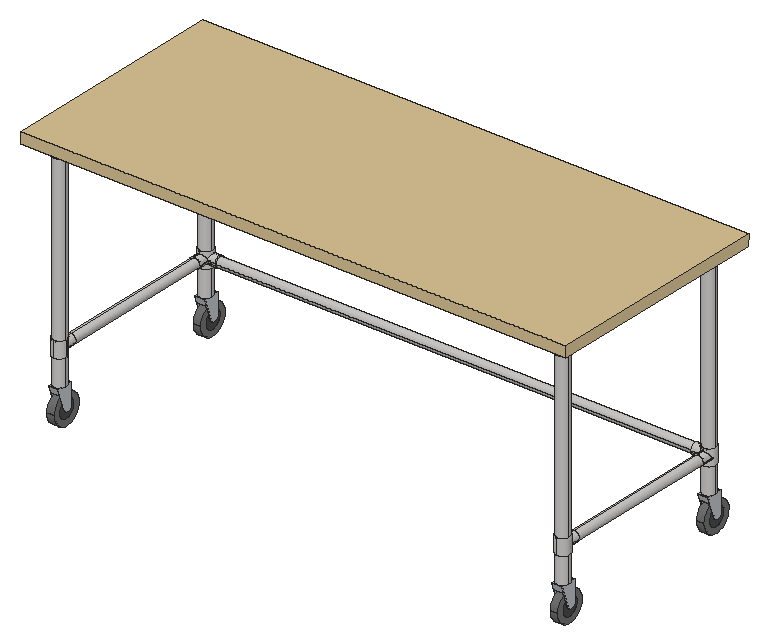
Revit family "126416 - Tables - Stainless Steel Prep Table", category Specialty Equipment, Revit 2020
Family settings
  Round Connector Dimension = Use Diameter
  Part Type = Normal
  OmniClass Number = 23.40.40.14
  OmniClass Title = Food Service Equipment
  Work Plane-Based = No
  Always vertical = Yes
  Cut with Voids When Loaded = No
  Shared = No
  Room Calculation Point = No
Parameters (values of type "POS")
  Working Height = 35 1/8"
  Width = 72"
  Weight in Pounds = 0
  Watermarked By = "http://revitwatermark.com"
  Undershelf = no
  URL Cutsheet = "http://eaglegrp.com/ProductInfo/ProductSpecSheets/eg10.41d.pdf"
  URL = "http://eaglegrp.com/"
  Table Depression = 0"
  Specification by User [instance] = ""
  Specification by Manufacturer [instance] = ""
  Serial Number [instance] = ""
  Seismic Rating [instance] = ""
  SMACNA No [instance] = ""
  Revision Code = ""
  Product data url = "https://bimobject.com/eaglegroup/product/eagle-group-eg10_45d"
  NAFEM Spec ID Number [instance] = ""
  Model = "XXXX"
  Material - Table Leg = QF_Finishes-Stainless Steel
  Material - Countertop = 19"/32" OSB PLYWOOD BONDED W/ EXT. GLUE
  Masterspec = ""
  Manufacturer = "Eagle Group"  # constant formula
  Item Number [instance] = "-"
  Installed By = ""
  Inset - Front and Ends = 1 1/2"
  Inset - Back = 1 1/2"
  Identify Quantity as Lot = yes
  Height of Table Edge = 1 1/2"
  Furnished By [instance] = ""
  Foodservice Equipment Identifier [instance] = yes
  Flat Top = not(Backsplash)  # yes
  Feet Height = 1/2"
  Feet = not(or([5 Inch Caster], [4 Inch Caster]))  # no
  Description = "Worktable-Marine Edge"
  Depth Leg cL = if(Depth < 25", 18 1/8", if(Depth > 47", 42 1/8", 24 1/8"))  # 24 1/8"
  Depth = 30"
  Default Elevation = 0"
  Crossrails = not(Undershelf)  # yes
  Caster Leg Height = if([5 Inch Caster], 6", if([4 Inch Caster], 5", 1/2"))  # 5"
  CSI MasterFormat = ""
  8 Legs Crossrail = and([8 Legs], Crossrails)  # no
  8 Legs 5 Inch Casters = and([8 Legs], [5 Inch Caster])  # no
  8 Legs 4 Inch Casters = and([8 Legs], [4 Inch Caster])  # no
  6 Legs Crossrail = and([6 Legs], Crossrails)  # no
  6 Legs 5 Inch Caster = and([6 Legs], [5 Inch Caster])  # no
  6 Legs 4 Inch Casters = and([6 Legs], [4 Inch Caster])  # no
  6 Legs = or(and(Depth < 47", Width > 85", Width < 129"), and(Depth > 47", Width > 69", Width < 81"), and(Depth > 47", Width > 129"))  # no
  Backsplash = no
  8 Legs cL = if(and(Depth < 47", Width > 129"), 42 3/8", if(and(Depth > 47", Width > 129"), 66 3/8", if(and(Depth > 47", Width > 117"), 42 3/8", if(and(Depth > 47", Width > 87"), 30 3/8", 26 1/8"))))  # 26 1/8"
  8 Legs = or(and(Depth < 47", Width > 129"), and(Depth > 47", Width > 81"))  # no
  5 Inch Caster = no
  4 Inch Caster = yes
Types (3): name | Table Depression | Material - Countertop | Height of Table Edge | Flat Top | Feet | Depth Leg cL | Depth | Caster Leg Height | Backsplash | 4 Inch Caster
  72X30 | 1/4" | QF_Finishes-Stainless Steel | 1 1/2" | no | yes | 24 1/8" | 30" | 1/2" | yes | no
  ice table - 6x2 | 8 1/2" | QF_Finishes-Stainless Steel | 10" | yes | no | 18 1/8" | 24" | 5" | no | yes
  POS | 0" | 19"/32" OSB PLYWOOD BONDED W/ EXT. GLUE | 1 1/2" | yes | no | 24 1/8" | 30" | 5" | no | yes
Reference planes (in)
  plane 1 "Center (Front/Back)": y = 0
  plane 2 "Bottom": z = 0
  plane 3 "Center (Left/Right)": x = 0
  plane 4 "Back": y = 15
  plane 5 "Right": x = 36
  plane 6 "Front": y = -15
  plane 7 "Left": x = -36
  plane 8 "Working Height": z = 35.125
  plane 9 "LLeg cL": x = -33.1875
  plane 10 "RLeg cL": x = 33.1875
  plane 11 "BLeg cL": y = 12.0625
  plane 12 "FLeg cL": y = -12.0625
  plane 13 "LLeg 8 cL": x = -13.0625
  plane 14 "RLeg 8 cL": x = 13.0625
  plane 15 "Undershelf Height": z = 9.5
  plane 16 "Bottom of Feet": z = 4.5
  plane 17 "Top of Feet": z = 5
  plane 18 "Top of Gusset": z = 33.625
  plane 19: z = 32.125
  plane 20: z = 39.625
  plane 21: x = -34.5
  plane 22: y = -13.5
  plane 23: x = 34.5
  plane 24: y = 13.5
  plane 25 "Center F/C": z = 35.125
Forms (in)
  Extrusion 1, solid, material "QF_Finishes-Stainless Steel" <- "Material - Table Leg"
    sketch origin (0, 0, 5) x (-1, 0, 0) y (0, -1, 0)
      loop
        circle (33.1875, 12.0625) r 0.8125
      loop
        circle (33.1875, -12.0625) r 0.8125
      loop
        circle (-33.1875, 12.0625) r 0.8125
      loop
        circle (-33.1875, -12.0625) r 0.8125
    from 0 to 27.125
  Extrusion 2, solid, material "QF_Finishes-Stainless Steel" <- "Material - Table Leg", visible <- "6 Legs"
    sketch origin (0, 0, 5) x (-1, 0, 0) y (0, -1, 0)
      loop
        circle (0, 12.0625) r 0.8125
      loop
        circle (0, -12.0625) r 0.8125
    from 0 to 27.125
  Extrusion 3, solid, material "QF_Finishes-Stainless Steel" <- "Material - Table Leg", visible <- "6 Legs"
    sketch origin (0, 0, 9.5) x (0, -1, 0) y (1, 0, 0)
      loop
        circle (12.0625, 0) r 0.91406
      loop
        circle (12.0625, 0) r 0.8125
      loop
        circle (-12.0625, 0) r 0.91406
      loop
        circle (-12.0625, 0) r 0.8125
    from 1 to -1
  Extrusion 4, solid, material "19"/32" OSB PLYWOOD BONDED W/ EXT. GLUE" <- "Material - Countertop", visible <- "Backsplash"
    sketch origin (-36, 0, 0) x (0, 1, 0) y (0, 0, 1)
      loop
        arc (14, 20.1987) -> (13.9054, 19.97031) -> (13.677, 19.8757) r 0.323
        line (13.677, 19.8757) -> (15, 19.8757) -> (15, 39.625) -> (14.25, 39.625)
        arc (14.25, 39.625) -> (14.07322, 39.55178) -> (14, 39.375) r 0.25
        line (14, 39.375) -> (14, 20.1987)
    from 0 to 72
  Extrusion 5, solid, material "QF_Finishes-Stainless Steel" <- "Material - Table Leg"
    sketch origin (0, 0, 9.5) x (0, -1, 0) y (1, 0, 0)
      loop
        circle (12.0625, -33.1875) r 0.91406
      loop
        circle (12.0625, -33.1875) r 0.8125
      loop
        circle (-12.0625, -33.1875) r 0.91406
      loop
        circle (-12.0625, -33.1875) r 0.8125
      loop
        circle (12.0625, 33.1875) r 0.91406
      loop
        circle (12.0625, 33.1875) r 0.8125
      loop
        circle (-12.0625, 33.1875) r 0.91406
      loop
        circle (-12.0625, 33.1875) r 0.8125
    from 1 to -1
  Extrusion 6, solid, material "QF_Finishes-Stainless Steel" <- "Material - Table Leg", visible <- "8 Legs"
    sketch origin (0, 0, 5) x (-1, 0, 0) y (0, -1, 0)
      loop
        circle (13.0625, 12.0625) r 0.8125
      loop
        circle (13.0625, -12.0625) r 0.8125
      loop
        circle (-13.0625, 12.0625) r 0.8125
      loop
        circle (-13.0625, -12.0625) r 0.8125
    from 0 to 27.125
  Extrusion 7, solid, material "QF_Finishes-Stainless Steel" <- "Material - Table Leg", visible <- "8 Legs"
    sketch origin (0, 0, 9.5) x (0, -1, 0) y (1, 0, 0)
      loop
        circle (12.0625, -13.0625) r 0.91406
      loop
        circle (12.0625, -13.0625) r 0.8125
      loop
        circle (-12.0625, -13.0625) r 0.91406
      loop
        circle (-12.0625, -13.0625) r 0.8125
      loop
        circle (12.0625, 13.0625) r 0.91406
      loop
        circle (12.0625, 13.0625) r 0.8125
      loop
        circle (-12.0625, 13.0625) r 0.91406
      loop
        circle (-12.0625, 13.0625) r 0.8125
    from 1 to -1
  Extrusion 8, solid, material "QF_Finishes-Stainless Steel" <- "Material - Table Leg", visible <- "6 Legs"
    sketch origin (0, 0, 33.625) x (-1, 0, 0) y (0, -1, 0)
      loop
        circle (0, 12.0625) r 0.91406
      loop
        circle (0, -12.0625) r 0.91406
    from 0 to -1.5
  Extrusion 9, solid, material "QF_Finishes-Stainless Steel" <- "Material - Table Leg", visible <- "8 Legs"
    sketch origin (0, 0, 33.625) x (-1, 0, 0) y (0, -1, 0)
      loop
        circle (13.0625, 12.0625) r 0.91406
      loop
        circle (13.0625, -12.0625) r 0.91406
      loop
        circle (-13.0625, 12.0625) r 0.91406
      loop
        circle (-13.0625, -12.0625) r 0.91406
    from 0 to -1.5
  Extrusion 10, solid, material "QF_Finishes-Stainless Steel" <- "Material - Table Leg"
    sketch origin (0, 0, 33.625) x (-1, 0, 0) y (0, -1, 0)
      loop
        circle (33.1875, 12.0625) r 0.91406
      loop
        circle (33.1875, -12.0625) r 0.91406
      loop
        circle (-33.1875, 12.0625) r 0.91406
      loop
        circle (-33.1875, -12.0625) r 0.91406
    from 0 to -1.5
  Extrusion 11, solid, material "QF_Finishes-Stainless Steel" <- "Material - Table Leg", visible <- "6 Legs Crossrail"
    sketch origin (0, -12.0625, 0) x (0, 0, -1) y (1, 0, 0)
      loop
        circle (-9.5, 0) r 0.625
    from 0 to -24.125
  Extrusion 12, solid, material "QF_Finishes-Stainless Steel" <- "Material - Table Leg", visible <- "8 Legs Crossrail"
    sketch origin (0, -12.0625, 0) x (0, 0, -1) y (1, 0, 0)
      loop
        circle (-9.5, -13.0625) r 0.625
      loop
        circle (-9.5, 13.0625) r 0.625
    from 0 to -24.125
  Extrusion 13, solid, material "QF_Finishes-Stainless Steel" <- "Material - Table Leg", visible <- "Crossrails"
    sketch origin (0, -12.0625, 0) x (0, 0, -1) y (1, 0, 0)
      loop
        circle (-9.5, -33.1875) r 0.625
      loop
        circle (-9.5, 33.1875) r 0.625
    from 0 to -24.125
  Extrusion 14, solid, material "QF_Finishes-Stainless Steel" <- "Material - Table Leg", visible <- "Crossrails"
    sketch origin (33.1875, 0, 0) x (0, 1, 0) y (0, 0, 1)
      loop
        circle (12.0625, 9.5) r 0.625
    from -66.375 to 0
  Extrusion 15, solid, material "QF_Finishes-Stainless Steel" <- "Material - Table Leg", visible <- "Crossrails"
    sketch origin (0, -12.0625, 0) x (0, 0, -1) y (1, 0, 0)
      loop
        circle (-9.5, -33.1875) r 0.625
      loop
        circle (-9.5, -33.1875) r 0.6875
      loop
        circle (-9.5, 33.1875) r 0.625
      loop
        circle (-9.5, 33.1875) r 0.6875
    from 0 to -1.81641
  Extrusion 16, solid, material "QF_Finishes-Stainless Steel" <- "Material - Table Leg", visible <- "Crossrails"
    sketch origin (0, 12.0625, 0) x (0, 0, -1) y (1, 0, 0)
      loop
        circle (-9.5, 33.1875) r 0.625
      loop
        circle (-9.5, 33.1875) r 0.6875
      loop
        circle (-9.5, -33.1875) r 0.625
      loop
        circle (-9.5, -33.1875) r 0.6875
    from 0 to 1.81641
  Extrusion 17, solid, material "QF_Finishes-Stainless Steel" <- "Material - Table Leg", visible <- "8 Legs Crossrail"
    sketch origin (0, -12.0625, 0) x (0, 0, -1) y (1, 0, 0)
      loop
        circle (-9.5, -13.0625) r 0.625
      loop
        circle (-9.5, -13.0625) r 0.6875
      loop
        circle (-9.5, 13.0625) r 0.625
      loop
        circle (-9.5, 13.0625) r 0.6875
    from 0 to -1.81641
  Extrusion 18, solid, material "QF_Finishes-Stainless Steel" <- "Material - Table Leg", visible <- "8 Legs Crossrail"
    sketch origin (0, 12.0625, 0) x (0, 0, -1) y (1, 0, 0)
      loop
        circle (-9.5, -13.0625) r 0.625
      loop
        circle (-9.5, -13.0625) r 0.6875
      loop
        circle (-9.5, 13.0625) r 0.625
      loop
        circle (-9.5, 13.0625) r 0.6875
    from 0 to 1.81641
  Extrusion 19, solid, material "QF_Finishes-Stainless Steel" <- "Material - Table Leg", visible <- "6 Legs Crossrail"
    sketch origin (0, -12.0625, 0) x (0, 0, -1) y (1, 0, 0)
      loop
        circle (-9.5, 0) r 0.625
      loop
        circle (-9.5, 0) r 0.6875
    from 0 to -1.81641
  Extrusion 20, solid, material "QF_Finishes-Stainless Steel" <- "Material - Table Leg", visible <- "6 Legs Crossrail"
    sketch origin (0, 12.0625, 0) x (0, 0, -1) y (1, 0, 0)
      loop
        circle (-9.5, 0) r 0.625
      loop
        circle (-9.5, 0) r 0.6875
    from 0 to 1.81641
  Extrusion 21, solid, material "QF_Finishes-Stainless Steel" <- "Material - Table Leg"
    sketch origin (-33.1875, 0, 0) x (0, 1, 0) y (0, 0, 1)
      loop
        circle (12.0625, 9.5) r 0.625
      loop
        circle (12.0625, 9.5) r 0.6875
    from 0 to 1.81641
  Extrusion 22, solid, material "QF_Finishes-Stainless Steel" <- "Material - Table Leg"
    sketch origin (33.1875, 0, 0) x (0, 1, 0) y (0, 0, 1)
      loop
        circle (12.0625, 9.5) r 0.625
      loop
        circle (12.0625, 9.5) r 0.6875
    from 0 to -1.81641
  Extrusion 23, solid, material "QF_Finishes-Stainless Steel"
    sketch origin (0, 0, 5) x (-1, 0, 0) y (0, -1, 0)
      loop
        circle (33.1875, 12.0625) r 0.5
      loop
        circle (33.1875, -12.0625) r 0.5
      loop
        circle (-33.1875, -12.0625) r 0.5
      loop
        circle (-33.1875, 12.0625) r 0.5
    from 0 to -0.5
  Extrusion 24, solid, material "QF_Finishes-Stainless Steel", visible <- "8 Legs"
    sketch origin (0, 0, 5) x (-1, 0, 0) y (0, -1, 0)
      loop
        circle (13.0625, 12.0625) r 0.5
      loop
        circle (13.0625, -12.0625) r 0.5
      loop
        circle (-13.0625, -12.0625) r 0.5
      loop
        circle (-13.0625, 12.0625) r 0.5
    from 0 to -0.5
  Extrusion 25, solid, material "QF_Finishes-Stainless Steel", visible <- "6 Legs"
    sketch origin (0, 0, 5) x (-1, 0, 0) y (0, -1, 0)
      loop
        circle (0, -12.0625) r 0.5
      loop
        circle (0, 12.0625) r 0.5
    from 0 to -0.5
  Extrusion 26, solid, material "QF_Finishes-Stainless Steel" <- "Material - Table Leg", visible <- "Undershelf"
    sketch origin (0, 0, 9.5) x (0, -1, 0) y (1, 0, 0)
      loop
        line (-12.0625, -33.1875) -> (12.0625, -33.1875) -> (12.0625, 33.1875) -> (-12.0625, 33.1875) -> (-12.0625, -33.1875)
    from 0.75 to -0.75
  Extrusion 27, solid, material "19"/32" OSB PLYWOOD BONDED W/ EXT. GLUE" <- "Material - Countertop"
    sketch origin (0, 0, 35.125) x (-1, 0, 0) y (0, -1, 0)
      loop
        line (36, -15) -> (36, 15) -> (-36, 15) -> (-36, -15) -> (36, -15)
      loop
        line (34.5, -13.5) -> (34.5, 13.5) -> (-34.5, 13.5) -> (-34.5, -13.5) -> (34.5, -13.5)
    from 0 to -1.5
  Extrusion 28, solid, material "19"/32" OSB PLYWOOD BONDED W/ EXT. GLUE" <- "Material - Countertop"
    sketch origin (-100.8205, -180, 33.625) x (-1, 0, 0) y (0, -1, 0)
      loop
        line (-66.3205, -193.5) -> (-66.3205, -166.5) -> (-135.3205, -166.5) -> (-135.3205, -193.5) -> (-66.3205, -193.5)
    from 0 to 1.5
Cuts and joins
  joined: Extrusion 27, Extrusion 28
Dimensions and locks (in)
  equal spacing: plane 7 "Left", plane 3 "Center (Left/Right)", plane 5 "Right"
  equal spacing: plane 4 "Back", plane 1 "Center (Front/Back)", plane 6 "Front"
  "Width": plane 7 "Left" to plane 5 "Right"
  "Depth": plane 4 "Back" to plane 6 "Front"
  "Working Height": plane 8 "Working Height" to level
  locked: plane 7 "Left" to plane 9 "LLeg cL" at 2.8125
  locked: plane 10 "RLeg cL" to plane 5 "Right" at 2.8125
  locked: plane 15 "Undershelf Height" to level at 9.5
  "8 Legs cL": plane 13 "LLeg 8 cL" to plane 14 "RLeg 8 cL"
  equal spacing: plane 13 "LLeg 8 cL", plane 3 "Center (Left/Right)", plane 14 "RLeg 8 cL"
  "Depth Leg cL": plane 12 "FLeg cL" to plane 11 "BLeg cL"
  equal spacing: plane 12 "FLeg cL", plane 1 "Center (Front/Back)", plane 11 "BLeg cL"
  locked: plane 18 "Top of Gusset" to plane 19 at 1.5
  "Feet Height": plane 17 "Top of Feet" to plane 16 "Bottom of Feet"
  "Caster Leg Height": plane 17 "Top of Feet" to plane 2 "Bottom"
  locked: plane 20 to plane 8 "Working Height" at 4.5
  "Inset - Front and Ends": plane 23 to plane 5 "Right"
  "Inset - Front and Ends": plane 6 "Front" to plane 22
  "Inset - Front and Ends": plane 7 "Left" to plane 21
  "Inset - Back": plane 4 "Back" to plane 24
  "Height of Table Edge": plane 8 "Working Height" to plane 18 "Top of Gusset"
  "Table Depression": plane 8 "Working Height" to plane 25 "Center F/C"
  aligned and locked: level to plane 2 "Bottom"
  aligned and locked: Extrusion 4 to plane 7 "Left"
  aligned and locked: plane 5 "Right" to Extrusion 4
  aligned and locked: plane 10 "RLeg cL" to Extrusion 14
  aligned and locked: Extrusion 14 to plane 9 "LLeg cL"
  aligned and locked: plane 19 to Extrusion 1
  aligned and locked: Extrusion 10 to plane 19
  aligned and locked: Extrusion 23 to plane 16 "Bottom of Feet"
  aligned and locked: Extrusion 24 to plane 16 "Bottom of Feet"
  aligned and locked: Extrusion 25 to plane 16 "Bottom of Feet"
  aligned and locked: plane 19 to Extrusion 6
  aligned and locked: plane 19 to Extrusion 2
  aligned and locked: Extrusion 9 to plane 19
  aligned and locked: Extrusion 8 to plane 19
  aligned and locked: Extrusion 13 to plane 11 "BLeg cL"
  aligned and locked: Extrusion 12 to plane 11 "BLeg cL"
  aligned and locked: Extrusion 11 to plane 11 "BLeg cL"
  aligned and locked: plane 9 "LLeg cL" to nested 1
  aligned and locked: plane 9 "LLeg cL" to nested 2
  aligned and locked: Extrusion 16 to plane 11 "BLeg cL"
  aligned and locked: plane 12 "FLeg cL" to Extrusion 15
  aligned and locked: nested 2 to plane 12 "FLeg cL"
  aligned and locked: nested 1 to plane 11 "BLeg cL"
  aligned and locked: plane 13 "LLeg 8 cL" to nested 3
  aligned and locked: plane 3 "Center (Left/Right)" to nested 5
  aligned and locked: plane 14 "RLeg 8 cL" to nested 7
  aligned and locked: plane 10 "RLeg cL" to nested 9
  aligned and locked: plane 10 "RLeg cL" to nested 10
  aligned and locked: plane 14 "RLeg 8 cL" to nested 8
  aligned and locked: plane 3 "Center (Left/Right)" to nested 6
  aligned and locked: plane 13 "LLeg 8 cL" to nested 4
  aligned and locked: nested 3 to plane 11 "BLeg cL"
  aligned and locked: nested 5 to plane 11 "BLeg cL"
  aligned and locked: nested 7 to plane 11 "BLeg cL"
  aligned and locked: nested 9 to plane 11 "BLeg cL"
  aligned and locked: nested 4 to plane 12 "FLeg cL"
  aligned and locked: nested 6 to plane 12 "FLeg cL"
  aligned and locked: nested 8 to plane 12 "FLeg cL"
  aligned and locked: nested 10 to plane 12 "FLeg cL"
  aligned and locked: plane 9 "LLeg cL" to nested 11
  aligned and locked: plane 9 "LLeg cL" to nested 12
  aligned and locked: plane 13 "LLeg 8 cL" to nested 13
  aligned and locked: plane 13 "LLeg 8 cL" to nested 14
  aligned and locked: plane 3 "Center (Left/Right)" to nested 15
  aligned and locked: plane 3 "Center (Left/Right)" to nested 16
  aligned and locked: plane 14 "RLeg 8 cL" to nested 18
  aligned and locked: plane 14 "RLeg 8 cL" to nested 17
  aligned and locked: plane 10 "RLeg cL" to nested 20
  aligned and locked: plane 10 "RLeg cL" to nested 19
  aligned and locked: nested 11 to plane 11 "BLeg cL"
  aligned and locked: nested 13 to plane 11 "BLeg cL"
  aligned and locked: nested 15 to plane 11 "BLeg cL"
  aligned and locked: nested 17 to plane 11 "BLeg cL"
  aligned and locked: nested 19 to plane 11 "BLeg cL"
  aligned and locked: nested 12 to plane 12 "FLeg cL"
  aligned and locked: nested 14 to plane 12 "FLeg cL"
  aligned and locked: nested 16 to plane 12 "FLeg cL"
  aligned and locked: nested 18 to plane 12 "FLeg cL"
  aligned and locked: nested 20 to plane 12 "FLeg cL"
  aligned and locked: plane 16 "Bottom of Feet" to Extrusion 23
  aligned and locked: Extrusion 1 to plane 17 "Top of Feet"
  aligned and locked: plane 17 "Top of Feet" to Extrusion 23
  aligned and locked: Extrusion 6 to plane 17 "Top of Feet"
  aligned and locked: plane 16 "Bottom of Feet" to Extrusion 24
  aligned and locked: plane 17 "Top of Feet" to Extrusion 24
  aligned and locked: plane 16 "Bottom of Feet" to Extrusion 25
  aligned and locked: Extrusion 2 to plane 17 "Top of Feet"
  aligned and locked: plane 17 "Top of Feet" to Extrusion 25
  aligned and locked: plane 18 "Top of Gusset" to Extrusion 10
  aligned and locked: plane 18 "Top of Gusset" to Extrusion 9
  aligned and locked: plane 18 "Top of Gusset" to Extrusion 8
  aligned and locked: Extrusion 10 to plane 18 "Top of Gusset"
  aligned and locked: Extrusion 9 to plane 18 "Top of Gusset"
  aligned and locked: plane 4 "Back" to Extrusion 4
  aligned and locked: plane 7 "Left" to Extrusion 4
  aligned and locked: Extrusion 26 sketch curve to plane 11 "BLeg cL"
  aligned and locked: Extrusion 26 sketch curve to plane 9 "LLeg cL"
  aligned and locked: plane 12 "FLeg cL" to Extrusion 26 sketch curve
  aligned and locked: plane 10 "RLeg cL" to Extrusion 26 sketch curve
  aligned and locked: plane 7 "Left" to Extrusion 27 sketch curve
  aligned and locked: plane 21 to Extrusion 27 sketch curve
  aligned and locked: Extrusion 27 sketch curve to plane 24
  aligned and locked: Extrusion 27 sketch curve to plane 4 "Back"
  aligned and locked: plane 23 to Extrusion 27 sketch curve
  aligned and locked: Extrusion 27 sketch curve to plane 5 "Right"
  aligned and locked: plane 22 to Extrusion 27 sketch curve
  aligned and locked: Extrusion 27 sketch curve to plane 6 "Front"
  aligned and locked: Extrusion 27 to plane 18 "Top of Gusset"
  aligned and locked: plane 25 "Center F/C" to Extrusion 28
Automatic sketch dimensions
  Extrusion 1 sketch curve to plane 10 "RLeg cL" = 0"  (x2)
  Extrusion 1 sketch curve to plane 9 "LLeg cL" = 0"  (x2)
  plane 11 "BLeg cL" to Extrusion 1 sketch curve = 0"  (x2)
  plane 12 "FLeg cL" to Extrusion 1 sketch curve = 0"  (x2)
  Extrusion 2 sketch curve to plane 3 "Center (Left/Right)" = 0"  (x2)
  plane 11 "BLeg cL" to Extrusion 2 sketch curve = 0"
  plane 12 "FLeg cL" to Extrusion 2 sketch curve = 0"
  Extrusion 3 sketch curve to Extrusion 3 sketch curve = 0"  (x4)
  Extrusion 3 sketch curve to plane 3 "Center (Left/Right)" = 0"  (x2)
  plane 11 "BLeg cL" to Extrusion 3 sketch curve = 0"
  plane 12 "FLeg cL" to Extrusion 3 sketch curve = 0"
  Extrusion 4 sketch curve to plane 4 "Back" = 0"
  Extrusion 4 sketch curve to plane 4 "Back" = 3/4"
  Extrusion 4 sketch curve to Extrusion 4 sketch curve = 1/4"
  Extrusion 4 sketch curve to plane 8 "Working Height" = 14.9263"
  Extrusion 4 sketch curve to Extrusion 4 sketch curve = 0.323"
  Extrusion 4 sketch curve to Extrusion 4 sketch curve = 19.1763"
  Extrusion 5 sketch curve to Extrusion 5 sketch curve = 0"  (x8)
  Extrusion 5 sketch curve to plane 10 "RLeg cL" = 0"  (x2)
  plane 11 "BLeg cL" to Extrusion 5 sketch curve = 0"  (x2)
  Extrusion 5 sketch curve to plane 9 "LLeg cL" = 0"  (x2)
  plane 12 "FLeg cL" to Extrusion 5 sketch curve = 0"  (x2)
  plane 12 "FLeg cL" to Extrusion 6 sketch curve = 0"  (x2)
  Extrusion 6 sketch curve to plane 14 "RLeg 8 cL" = 0"  (x2)
  plane 11 "BLeg cL" to Extrusion 6 sketch curve = 0"  (x2)
  Extrusion 6 sketch curve to plane 13 "LLeg 8 cL" = 0"  (x2)
  Extrusion 7 sketch curve to Extrusion 7 sketch curve = 0"  (x8)
  plane 11 "BLeg cL" to Extrusion 7 sketch curve = 0"  (x2)
  plane 12 "FLeg cL" to Extrusion 7 sketch curve = 0"  (x2)
  Extrusion 7 sketch curve to plane 13 "LLeg 8 cL" = 0"  (x2)
  Extrusion 7 sketch curve to plane 14 "RLeg 8 cL" = 0"  (x2)
  Extrusion 8 sketch curve to plane 3 "Center (Left/Right)" = 0"  (x2)
  plane 11 "BLeg cL" to Extrusion 8 sketch curve = 0"
  plane 12 "FLeg cL" to Extrusion 8 sketch curve = 0"
  plane 12 "FLeg cL" to Extrusion 9 sketch curve = 0"  (x2)
  Extrusion 9 sketch curve to plane 14 "RLeg 8 cL" = 0"  (x2)
  plane 11 "BLeg cL" to Extrusion 9 sketch curve = 0"  (x2)
  Extrusion 9 sketch curve to plane 13 "LLeg 8 cL" = 0"  (x2)
  Extrusion 10 sketch curve to plane 10 "RLeg cL" = 0"  (x2)
  Extrusion 10 sketch curve to plane 9 "LLeg cL" = 0"  (x2)
  plane 11 "BLeg cL" to Extrusion 10 sketch curve = 0"  (x2)
  plane 12 "FLeg cL" to Extrusion 10 sketch curve = 0"  (x2)
  Extrusion 11 sketch curve to plane 3 "Center (Left/Right)" = 0"
  Extrusion 11 sketch curve to plane 15 "Undershelf Height" = 0"
  Extrusion 12 sketch curve to plane 14 "RLeg 8 cL" = 0"
  Extrusion 12 sketch curve to plane 15 "Undershelf Height" = 0"  (x2)
  Extrusion 12 sketch curve to plane 13 "LLeg 8 cL" = 0"
  Extrusion 13 sketch curve to plane 10 "RLeg cL" = 0"
  Extrusion 13 sketch curve to plane 15 "Undershelf Height" = 0"  (x2)
  Extrusion 13 sketch curve to plane 9 "LLeg cL" = 0"
  Extrusion 14 sketch curve to plane 11 "BLeg cL" = 0"
  plane 15 "Undershelf Height" to Extrusion 14 sketch curve = 0"
  Extrusion 15 sketch curve to Extrusion 15 sketch curve = 0"  (x4)
  Extrusion 15 sketch curve to plane 9 "LLeg cL" = 0"
  Extrusion 15 sketch curve to plane 15 "Undershelf Height" = 0"  (x2)
  Extrusion 15 sketch curve to plane 10 "RLeg cL" = 0"
  Extrusion 16 sketch curve to Extrusion 16 sketch curve = 0"  (x4)
  Extrusion 16 sketch curve to plane 10 "RLeg cL" = 0"
  Extrusion 16 sketch curve to plane 15 "Undershelf Height" = 0"  (x2)
  Extrusion 16 sketch curve to plane 9 "LLeg cL" = 0"
  Extrusion 17 sketch curve to Extrusion 17 sketch curve = 0"  (x4)
  Extrusion 17 sketch curve to plane 13 "LLeg 8 cL" = 0"
  Extrusion 17 sketch curve to plane 15 "Undershelf Height" = 0"  (x2)
  Extrusion 17 sketch curve to plane 14 "RLeg 8 cL" = 0"
  Extrusion 18 sketch curve to Extrusion 18 sketch curve = 0"  (x4)
  Extrusion 18 sketch curve to plane 13 "LLeg 8 cL" = 0"
  Extrusion 18 sketch curve to plane 15 "Undershelf Height" = 0"  (x2)
  Extrusion 18 sketch curve to plane 14 "RLeg 8 cL" = 0"
  Extrusion 19 sketch curve to Extrusion 19 sketch curve = 0"  (x2)
  Extrusion 19 sketch curve to plane 3 "Center (Left/Right)" = 0"
  Extrusion 19 sketch curve to plane 15 "Undershelf Height" = 0"
  Extrusion 20 sketch curve to Extrusion 20 sketch curve = 0"  (x2)
  Extrusion 20 sketch curve to plane 3 "Center (Left/Right)" = 0"
  Extrusion 20 sketch curve to plane 15 "Undershelf Height" = 0"
  Extrusion 21 sketch curve to Extrusion 21 sketch curve = 0"  (x2)
  Extrusion 21 sketch curve to plane 11 "BLeg cL" = 0"
  plane 15 "Undershelf Height" to Extrusion 21 sketch curve = 0"
  Extrusion 22 sketch curve to Extrusion 22 sketch curve = 0"  (x2)
  Extrusion 22 sketch curve to plane 11 "BLeg cL" = 0"
  plane 15 "Undershelf Height" to Extrusion 22 sketch curve = 0"
  Extrusion 23 sketch curve to plane 10 "RLeg cL" = 0"  (x2)
  Extrusion 23 sketch curve to plane 9 "LLeg cL" = 0"  (x2)
  plane 11 "BLeg cL" to Extrusion 23 sketch curve = 0"  (x2)
  plane 12 "FLeg cL" to Extrusion 23 sketch curve = 0"  (x2)
  plane 11 "BLeg cL" to Extrusion 24 sketch curve = 0"  (x2)
  Extrusion 24 sketch curve to plane 14 "RLeg 8 cL" = 0"  (x2)
  plane 12 "FLeg cL" to Extrusion 24 sketch curve = 0"  (x2)
  Extrusion 24 sketch curve to plane 13 "LLeg 8 cL" = 0"  (x2)
  Extrusion 25 sketch curve to plane 3 "Center (Left/Right)" = 0"  (x2)
  plane 11 "BLeg cL" to Extrusion 25 sketch curve = 0"
  plane 12 "FLeg cL" to Extrusion 25 sketch curve = 0"
  Extrusion 28 sketch curve to plane 23 = 0"
  Extrusion 28 sketch curve to plane 21 = 0"
  Extrusion 28 sketch curve to plane 24 = 0"
  Extrusion 28 sketch curve to plane 22 = 0"
  radius of Extrusion 1 sketch curve = 13/16"  (x4)
  radius of Extrusion 2 sketch curve = 13/16"  (x2)
  radius of Extrusion 3 sketch curve = 117/128"  (x2)
  radius of Extrusion 3 sketch curve = 13/16"  (x2)
  radius of Extrusion 5 sketch curve = 117/128"  (x4)
  radius of Extrusion 5 sketch curve = 13/16"  (x4)
  radius of Extrusion 6 sketch curve = 13/16"  (x4)
  radius of Extrusion 7 sketch curve = 117/128"  (x4)
  radius of Extrusion 7 sketch curve = 13/16"  (x4)
  radius of Extrusion 8 sketch curve = 117/128"  (x2)
  radius of Extrusion 9 sketch curve = 117/128"  (x4)
  radius of Extrusion 10 sketch curve = 117/128"  (x4)
  radius of Extrusion 11 sketch curve = 5/8"
  radius of Extrusion 12 sketch curve = 5/8"  (x2)
  radius of Extrusion 13 sketch curve = 5/8"  (x2)
  radius of Extrusion 14 sketch curve = 5/8"
  radius of Extrusion 15 sketch curve = 5/8"  (x2)
  radius of Extrusion 15 sketch curve = 11/16"  (x2)
  radius of Extrusion 16 sketch curve = 5/8"  (x2)
  radius of Extrusion 16 sketch curve = 11/16"  (x2)
  radius of Extrusion 17 sketch curve = 5/8"  (x2)
  radius of Extrusion 17 sketch curve = 11/16"  (x2)
  radius of Extrusion 18 sketch curve = 5/8"  (x2)
  radius of Extrusion 18 sketch curve = 11/16"  (x2)
  radius of Extrusion 19 sketch curve = 5/8"
  radius of Extrusion 19 sketch curve = 11/16"
  radius of Extrusion 20 sketch curve = 5/8"
  radius of Extrusion 20 sketch curve = 11/16"
  radius of Extrusion 21 sketch curve = 5/8"
  radius of Extrusion 21 sketch curve = 11/16"
  radius of Extrusion 22 sketch curve = 5/8"
  radius of Extrusion 22 sketch curve = 11/16"
  radius of Extrusion 23 sketch curve = 1/2"  (x4)
  radius of Extrusion 24 sketch curve = 1/2"  (x4)
  radius of Extrusion 25 sketch curve = 1/2"  (x2)
Nested families (in)
  nested 1: "4 Inch Caster" at (-33.1875, 12.85076, 0) x (0, 1, 0) z (0, 0, 1), visible <- "4 Inch Caster", type "4 Inch Caster"
  nested 2: "4 Inch Caster" at (-33.1875, -11.27424, 0) x (0, 1, 0) z (0, 0, 1), visible <- "4 Inch Caster", type "4 Inch Caster"
  nested 3: "4 Inch Caster" at (-13.0625, 12.85076, 0) x (0, 1, 0) z (0, 0, 1), visible <- "8 Legs 4 Inch Casters", type "4 Inch Caster"
  nested 4: "4 Inch Caster" at (-13.0625, -11.27424, 0) x (0, 1, 0) z (0, 0, 1), visible <- "8 Legs 4 Inch Casters", type "4 Inch Caster"
  nested 5: "4 Inch Caster" at (0, 12.85076, 0) x (0, 1, 0) z (0, 0, 1), visible <- "6 Legs 4 Inch Casters", type "4 Inch Caster"
  nested 6: "4 Inch Caster" at (0, -11.27424, 0) x (0, 1, 0) z (0, 0, 1), visible <- "6 Legs 4 Inch Casters", type "4 Inch Caster"
  nested 7: "4 Inch Caster" at (13.0625, 12.85076, 0) x (0, 1, 0) z (0, 0, 1), visible <- "8 Legs 4 Inch Casters", type "4 Inch Caster"
  nested 8: "4 Inch Caster" at (13.0625, -11.27424, 0) x (0, 1, 0) z (0, 0, 1), visible <- "8 Legs 4 Inch Casters", type "4 Inch Caster"
  nested 9: "4 Inch Caster" at (33.1875, 12.85076, 0) x (0, 1, 0) z (0, 0, 1), visible <- "4 Inch Caster", type "4 Inch Caster"
  nested 10: "4 Inch Caster" at (33.1875, -11.27424, 0) x (0, 1, 0) z (0, 0, 1), visible <- "4 Inch Caster", type "4 Inch Caster"
  nested 11: "5 Inch Caster" at (-33.1875, 12.85076, 0) x (0, 1, 0) z (0, 0, 1), visible <- "5 Inch Caster", type "5 Inch Caster"
  nested 12: "5 Inch Caster" at (-33.1875, -11.27424, 0) x (0, 1, 0) z (0, 0, 1), visible <- "5 Inch Caster", type "5 Inch Caster"
  nested 13: "5 Inch Caster" at (-13.0625, 12.85076, 0) x (0, 1, 0) z (0, 0, 1), visible <- "8 Legs 5 Inch Casters", type "5 Inch Caster"
  nested 14: "5 Inch Caster" at (-13.0625, -11.27424, 0) x (0, 1, 0) z (0, 0, 1), visible <- "8 Legs 5 Inch Casters", type "5 Inch Caster"
  nested 15: "5 Inch Caster" at (0, 12.85076, 0) x (0, 1, 0) z (0, 0, 1), visible <- "6 Legs 5 Inch Caster", type "5 Inch Caster"
  nested 16: "5 Inch Caster" at (0, -11.27424, 0) x (0, 1, 0) z (0, 0, 1), visible <- "6 Legs 5 Inch Caster", type "5 Inch Caster"
  nested 17: "5 Inch Caster" at (13.0625, 12.85076, 0) x (0, 1, 0) z (0, 0, 1), visible <- "8 Legs 5 Inch Casters", type "5 Inch Caster"
  nested 18: "5 Inch Caster" at (13.0625, -11.27424, 0) x (0, 1, 0) z (0, 0, 1), visible <- "8 Legs 5 Inch Casters", type "5 Inch Caster"
  nested 19: "5 Inch Caster" at (33.1875, 12.85076, 0) x (0, 1, 0) z (0, 0, 1), visible <- "5 Inch Caster", type "5 Inch Caster"
  nested 20: "5 Inch Caster" at (33.1875, -11.27424, 0) x (0, 1, 0) z (0, 0, 1), visible <- "5 Inch Caster", type "5 Inch Caster"
Definition of nested family "4 Inch Caster"
  Parameters
    Zinc = none
    Watermarked By = "http://revitwatermark.com"
    Type Comments = "﻿﻿​                           ​       ​  ​                  ﻿                               ﻿                                ​      ​  ​      ​  ​   ﻿       ​  ​​​﻿​          ​                    ​﻿​     ​﻿​                 ﻿   ​         ​​         ​    ​                     ​​          ​            ​ ﻿​      ​​​​​﻿﻿"
    Keynote = "﻿﻿​                           ​       ​  ​                  ﻿                               ﻿                                ​      ​  ​      ​  ​   ﻿       ​  ​​​﻿​          ​                    ​﻿​     ​﻿​                 ﻿   ​         ​​         ​    ​                     ​​          ​            ​ ﻿​      ​​​​​﻿﻿"
    Description = "﻿﻿​                           ​       ​  ​                  ﻿                               ﻿                                ​      ​  ​      ​  ​   ﻿       ​  ​​​﻿​          ​                    ​﻿​     ​﻿​                 ﻿   ​         ​​         ​    ​                     ​​          ​            ​ ﻿​      ​​​​​﻿﻿"
    Default Elevation = 0"
    Caster Tread = none
    Caster Center = none
    Assembly Code = "﻿﻿​                           ​       ​  ​                  ﻿                               ﻿                                ​      ​  ​      ​  ​   ﻿       ​  ​​​﻿​          ​                    ​﻿​     ​﻿​                 ﻿   ​         ​​         ​    ​                     ​​          ​            ​ ﻿​      ​​​​​﻿﻿"
  Reference planes (in)
    plane 1 "Center (Front/Back)": y = 0
    plane 2: z = 0
    plane 3 "Center (Left/Right)": x = -0.78826
    plane 4: z = 5
    plane 5: z = 4
  Forms (in)
    Extrusion 1, solid, material <- "Caster Tread"
      sketch origin (-0.21837, 0, 0) x (1, 0, 0) y (0, 0, 1)
        loop
          circle (0, 2) r 2
        loop
          circle (0, 2) r 1.25
      from -0.5 to 0.5
    Extrusion 2, solid, material <- "Zinc"
      sketch origin (-0.09467, 0, -0.00039) x (1, 0, 0) y (0, 0, 1)
        loop
          line (-1.71988, 5) -> (-0.69359, 2.18029)
          arc (-0.69359, 2.18029) -> (-0.47155, 1.89093) -> (-0.12369, 1.78125) r 0.60647
          line (-0.12369, 1.78125) -> (0, 1.78125)
          arc (0, 1.78125) -> (0.305, 1.90758) -> (0.43133, 2.21258) r 0.43133
          line (0.43133, 2.21258) -> (0.43133, 5) -> (-1.71988, 5)
      from 0.55488 to 0.625
    Extrusion 3, solid, material <- "Zinc"
      sketch origin (-0.09467, 0, -1.00039) x (1, 0, 0) y (0, 0, 1)
        loop
          line (-1.4023, 5.12746) -> (0.43023, 5.12746) -> (0.43023, 6.00039) -> (-1.72002, 6.00039) -> (-1.4023, 5.12746)
      from -0.55488 to 0.55488
    Extrusion 4, solid, material <- "Zinc"
      sketch origin (-0.09467, 0, -0.00039) x (1, 0, 0) y (0, 0, 1)
        loop
          line (0.43133, 5) -> (-1.71988, 5) -> (-0.69359, 2.18029)
          arc (-0.69359, 2.18029) -> (-0.47155, 1.89093) -> (-0.12369, 1.78125) r 0.60647
          line (-0.12369, 1.78125) -> (0, 1.78125)
          arc (0, 1.78125) -> (0.305, 1.90758) -> (0.43133, 2.21258) r 0.43133
          line (0.43133, 2.21258) -> (0.43133, 5)
      from -0.625 to -0.55488
    Extrusion 5, solid, material <- "Caster Center"
      sketch origin (-0.21837, 0, 0) x (1, 0, 0) y (0, 0, 1)
        loop
          circle (0.00417, 1.9993) r 1.25
      from -0.375 to 0.375
  Cuts and joins
    joined: Extrusion 2, Extrusion 3, Extrusion 4
  Lines and regions (in)
    symbolic lines
      curve 1: line (-1.81455, 0.625, 0) -> (0.33666, 0.625, 0)
      curve 2: line (0.33666, 0.625, 0) -> (0.33666, -0.625, 0)
      curve 3: line (0.33666, -0.625, 0) -> (-1.81455, -0.625, 0)
      curve 4: line (-1.81455, -0.625, 0) -> (-1.81455, 0.625, 0)
      curve 5: line (-1.81455, 0.5, 0) -> (-2.21837, 0.5, 0)
      curve 6: line (-2.21837, 0.5, 0) -> (-2.21837, -0.5, 0)
      curve 7: line (-2.21837, -0.5, 0) -> (-1.81455, -0.5, 0)
      curve 8: line (0.33666, 0.5, 0) -> (1.78269, 0.5, 0)
      curve 9: line (1.78269, 0.5, 0) -> (1.78269, -0.5, 0)
      curve 10: line (1.78269, -0.5, 0) -> (0.33666, -0.5, 0)
  Dimensions and locks (in)
    plane 4 to plane 2 = 5"
    plane 5 to plane 2 = 4"
    aligned and locked: level to plane 2
Definition of nested family "5 Inch Caster"
  Parameters
    Zinc = none
    Watermarked By = "http://revitwatermark.com"
    Type Comments = "﻿﻿​                           ​       ​  ​                  ﻿                               ﻿                                ​      ​  ​      ​  ​   ﻿       ​  ​​​﻿​          ​                    ​﻿​     ​﻿​                 ﻿   ​         ​​         ​    ​                     ​​          ​            ​ ﻿​      ​​​​​﻿﻿"
    Keynote = "﻿﻿​                           ​       ​  ​                  ﻿                               ﻿                                ​      ​  ​      ​  ​   ﻿       ​  ​​​﻿​          ​                    ​﻿​     ​﻿​                 ﻿   ​         ​​         ​    ​                     ​​          ​            ​ ﻿​      ​​​​​﻿﻿"
    Description = "﻿﻿​                           ​       ​  ​                  ﻿                               ﻿                                ​      ​  ​      ​  ​   ﻿       ​  ​​​﻿​          ​                    ​﻿​     ​﻿​                 ﻿   ​         ​​         ​    ​                     ​​          ​            ​ ﻿​      ​​​​​﻿﻿"
    Default Elevation = 0"
    Caster Tread = none
    Caster Center = none
    Assembly Code = "﻿﻿​                           ​       ​  ​                  ﻿                               ﻿                                ​      ​  ​      ​  ​   ﻿       ​  ​​​﻿​          ​                    ​﻿​     ​﻿​                 ﻿   ​         ​​         ​    ​                     ​​          ​            ​ ﻿​      ​​​​​﻿﻿"
  Reference planes (in)
    plane 1 "Center (Front/Back)": y = 0
    plane 2: z = 0
    plane 3 "Center (Left/Right)": x = -0.78826
    plane 4: z = 6
  Forms (in)
    Extrusion 1, solid, material <- "Caster Tread"
      sketch origin (0, 0, 0.5) x (1, 0, 0) y (0, 0, 1)
        loop
          circle (0, 2) r 2.5
        loop
          circle (0, 2) r 1.75
      from -0.5 to 0.5
    Extrusion 2, solid, material <- "Zinc"
      sketch origin (0, 0, 1) x (1, 0, 0) y (0, 0, 1)
        loop
          line (-1.82224, 5) -> (-0.69359, 1.89904)
          arc (-0.69359, 1.89904) -> (-0.47155, 1.60968) -> (-0.12369, 1.5) r 0.60647
          line (-0.12369, 1.5) -> (0, 1.5)
          arc (0, 1.5) -> (0.305, 1.62633) -> (0.43133, 1.93133) r 0.43133
          line (0.43133, 1.93133) -> (0.43133, 5) -> (-1.82224, 5)
      from 0.55488 to 0.625
    Extrusion 3, solid, material <- "Zinc"
      sketch origin (0, 0, 0) x (1, 0, 0) y (0, 0, 1)
        loop
          line (-1.50466, 5.12746) -> (0.43023, 5.12746) -> (0.43023, 6.00039) -> (-1.82239, 6.00039) -> (-1.50466, 5.12746)
      from -0.55488 to 0.55488
    Extrusion 4, solid, material <- "Zinc"
      sketch origin (0, 0, 1) x (1, 0, 0) y (0, 0, 1)
        loop
          line (0.43133, 5) -> (-1.82224, 5) -> (-0.69359, 1.89904)
          arc (-0.69359, 1.89904) -> (-0.47155, 1.60968) -> (-0.12369, 1.5) r 0.60647
          line (-0.12369, 1.5) -> (0, 1.5)
          arc (0, 1.5) -> (0.305, 1.62633) -> (0.43133, 1.93133) r 0.43133
          line (0.43133, 1.93133) -> (0.43133, 5)
      from -0.625 to -0.55488
    Extrusion 5, solid, material <- "Caster Center"
      sketch origin (0, 0, 0.5) x (1, 0, 0) y (0, 0, 1)
        loop
          circle (0.00417, 1.9993) r 1.75
      from -0.375 to 0.375
  Cuts and joins
    joined: Extrusion 2, Extrusion 3, Extrusion 4
  Lines and regions (in)
    symbolic lines
      curve 1: line (-2.18621, 0.625, 0) -> (0.43133, 0.625, 0)
      curve 2: line (0.43133, 0.625, 0) -> (0.43133, -0.625, 0)
      curve 3: line (0.43133, -0.625, 0) -> (-2.18621, -0.625, 0)
      curve 4: line (-2.18621, -0.625, 0) -> (-2.18621, 0.625, 0)
      curve 5: line (-2.18621, 0.5, 0) -> (-2.5, 0.5, 0)
      curve 6: line (-2.5, 0.5, 0) -> (-2.5, -0.5, 0)
      curve 7: line (-2.5, -0.5, 0) -> (-2.18621, -0.5, 0)
      curve 8: line (0.43133, 0.5, 0) -> (2.5, 0.5, 0)
      curve 9: line (2.5, 0.5, 0) -> (2.5, -0.5, 0)
      curve 10: line (2.5, -0.5, 0) -> (0.43133, -0.5, 0)
  Dimensions and locks (in)
    aligned and locked: level to plane 2
